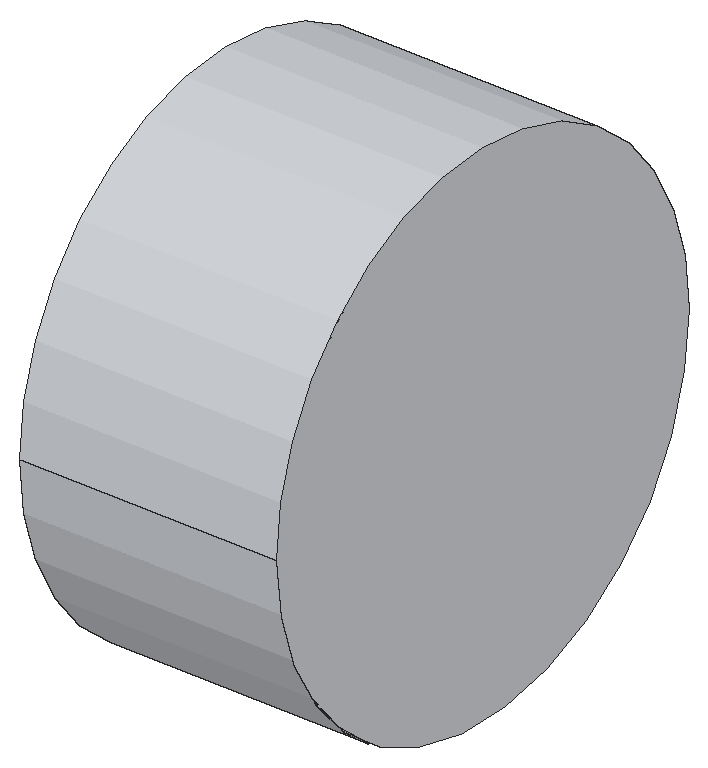
Revit family "92079741b7164a5ca6c489e404b37689", category Pipe Fittings, Revit 2021
Family settings
  Round Connector Dimension = Use Radius
  Part Type = Cap
  OmniClass Number = 23.60.30.11.14
  OmniClass Title = Pipework Fittings
  Seek Item ID = Cap - Generic-0000-USA-ENU
  Work Plane-Based = No
  Always vertical = Yes
  Cut with Voids When Loaded = No
  Shared = No
Parameters (values of type "Standard")
  Nominal Radius [instance] = 1/2"
  Nominal Diameter [instance] = Nominal Radius * 2  # 1"
  Loss Method = Not Defined
  Lookup Table Name = "Pipe Fitting - Generic"
  Height [instance] = Fitting Outside Radius  # 9/16"
  Fitting Outside Radius [instance] = Fitting Outside Diameter / 2  # 9/16"
  Fitting Outside Diameter [instance] = size_lookup(Lookup Table Name, "FOD", Nominal Diameter + 1/8", Nominal Diameter)  # 1 1/8"
  Default Elevation = 0' - 0"
Reference planes (in)
  plane 1 "Center (Front/Back)": y = 0
  plane 2: z = 0
  plane 3 "Center (Left/Right)": x = 0
  plane 4: x = 0.5625
  plane 5: y = 0.5625
  plane 6: y = -0.5625
Forms (in)
  Extrusion 1, solid, detail levels fine
    sketch origin (0, 0, 0) x (0, 1, 0) y (0, 0, 1)
      loop
        circle (0, 0) r 0.5625
    from 0 to 0.5625
Lines and regions (in)
  model lines, detail levels coarse+medium
    curve 1: line (0, 0.5625, 0) -> (0.5625, 0.5625, 0)
    curve 2: line (0, -0.5625, 0) -> (0.5625, -0.5625, 0)
    curve 3: line (0.5625, 0.5625, 0) -> (0.5625, -0.5625, 0)
Dimensions and locks (in)
  "Height": plane 3 "Center (Left/Right)" to plane 4
  "Fitting Outside Radius": plane 5 to plane 1 "Center (Front/Back)"
  "Fitting Outside Radius": plane 1 "Center (Front/Back)" to plane 6
  "Fitting Outside Radius": radius of Extrusion 1 sketch curve
  aligned and locked: plane 1 "Center (Front/Back)" to Extrusion 1 sketch curve
  aligned and locked: plane 2 to Extrusion 1 sketch curve
  aligned and locked: Extrusion 1 to plane 3 "Center (Left/Right)"
  aligned and locked: plane 4 to Extrusion 1
  aligned and locked: plane 3 "Center (Left/Right)" to curve 1
  aligned and locked: plane 3 "Center (Left/Right)" to curve 2
  aligned and locked: plane 4 to curve 2
  aligned and locked: curve 2 to plane 6
  aligned and locked: curve 1 to plane 5
  aligned and locked: plane 6 to curve 3
  aligned and locked: plane 5 to curve 3
  aligned and locked: curve 3 to plane 4
Connectors (in)
  piping at (0, 0, 0), diameter 1, driven by "Nominal Radius"
    settings: on Extrusion 1, index 1, connector inside diameter 1", connector length 0' - 0", flow factor 0, pipe flow 0 GPM, pressure drop 0.00 psi, fitting loss kfactor 0, connector angle 0.00°, fixture units 0, engagement length 0' - 0", angle of deflection 0.00°, flow configuration 0, flow direction 0, fitting loss method 0, system type 28, joint type 0, gender type 0, connector reference index -1, connector utility 0, adjustable connector no, is connector primary yes, connector description ""
